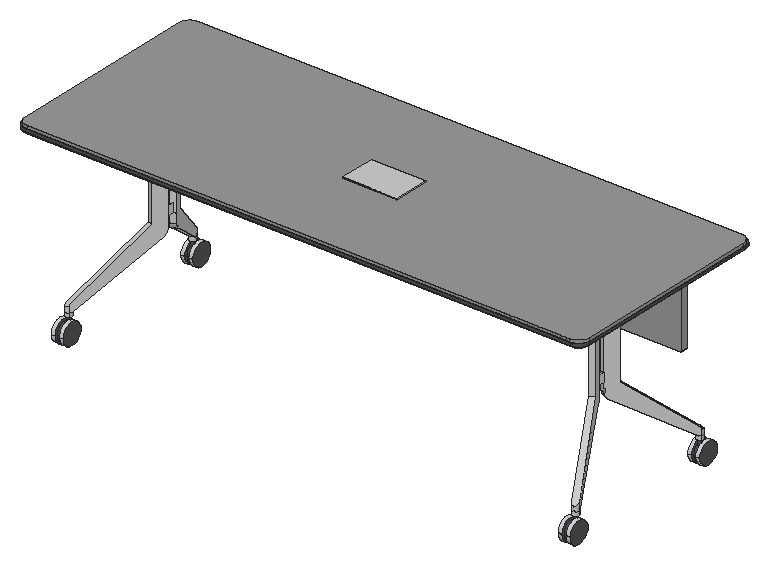
Revit family "Haworth_Planes_ConferenceDesk_EU_PRELIMINARY", category Furniture, Revit 2019 (continued)
Definition of nested family "Haworth_Planes_TableLinking-PART"
  Forms (cm)
    Extrusion 1, solid, material <- "Support Finish"
      sketch origin (0, 0, 0) x (1, 0, 0) y (0, 1, 0)
        loop
          arc (-0.2346, -6.089) -> (-1.6707, -6.5687) -> (-2.2351, -7.9738) r 1.8034
          arc (-2.2351, -7.9738) -> (-1.5933, -9.2628) -> (-0.2124, -9.6711) r 1.8034
          arc (-0.2124, -9.6711) -> (0.5481, -9.3938) -> (1.1107, -8.8118) r 1.8034
          arc (1.1107, -8.8118) -> (1.1616, -8.7216) -> (1.2072, -8.6286) r 1.8034
          arc (1.2072, -8.6286) -> (1.3061, -8.5493) -> (1.4329, -8.5465) r 0.1974
          line (1.4329, -8.5465) -> (2.2501, -8.8038)
          arc (2.2501, -8.8038) -> (2.423, -8.7794) -> (2.5128, -8.6297) r 0.2027
          line (2.5128, -8.6297) -> (2.5588, -8.1479) -> (2.5588, -0.6766)
          arc (2.5588, -0.6766) -> (2.0883, 0.7629) -> (0.9043, 1.7072) r 2.641
          arc (0.9043, 1.7072) -> (0.2861, 1.8724) -> (-0.3536, 1.884) r 2.641
          arc (-0.3536, 1.884) -> (-0.5098, 1.9487) -> (-0.5744, 2.1048) r 0.2208
          line (-0.5744, 2.1048) -> (-0.3806, 4.1343)
          arc (-0.3806, 4.1343) -> (-0.4319, 4.2885) -> (-0.5806, 4.3542) r 0.2008
          line (-0.5806, 4.3542) -> (-0.9955, 4.3542)
          arc (-0.9955, 4.3542) -> (-1.1447, 4.2882) -> (-1.196, 4.1333) r 0.2014
      from 69.97 to 71.47
    Extrusion 2, solid, material <- "Support Finish"
      sketch origin (0, 0, 0) x (1, 0, 0) y (0, 1, 0)
        loop
          circle (-0.428, -7.873) r 2.2
      from 70.37 to 69.9
    Extrusion 3, void
      sketch origin (0, 0, 0) x (1, 0, 0) y (0, 1, 0)
        loop
          line (-1.9277, 0.7378) -> (0.0875, -3.0929)
          arc (0.0875, -3.0929) -> (2.005, 0.3613) -> (-1.9277, 0.7378) r 2.3611
      from 69.6045 to 70.37
    Extrusion 4, void
      sketch origin (0, 0, 0) x (1, 0, 0) y (0, 1, 0)
        loop
          circle (-0.4342, -7.8737) r 1.4
        loop
          circle (-0.4342, -7.8737) r 1.378
      from 70.37 to 72.6102
  Cuts and joins
    Extrusion 3, Extrusion 4 cuts Extrusion 1
    joined: Extrusion 1, Extrusion 2
  Lines and regions (cm)
    Masking region 1
      outline origin (0, 0, 0) x (1, 0, 0) y (0, 1, 0)
        loop
          arc (2.5588, -0.6766) -> (2.0883, 0.7629) -> (0.9043, 1.7072) r 2.641
          arc (0.9043, 1.7072) -> (0.2861, 1.8724) -> (-0.3536, 1.884) r 2.641
          arc (-0.3536, 1.884) -> (-0.5098, 1.9487) -> (-0.5744, 2.1048) r 0.2208
          line (-0.5744, 2.1048) -> (-0.3806, 4.1343)
          arc (-0.3806, 4.1343) -> (-0.4319, 4.2885) -> (-0.5806, 4.3542) r 0.2008
          line (-0.5806, 4.3542) -> (-0.9955, 4.3542)
          arc (-0.9955, 4.3542) -> (-1.1447, 4.2882) -> (-1.196, 4.1333) r 0.2014
          line (-1.196, 4.1333) -> (-0.9788, 1.8957)
          arc (-0.9788, 1.8957) -> (-1.0078, 1.7771) -> (-1.1045, 1.7026) r 0.1846
          line (-1.1045, 1.7026) -> (-2.1025, 1.3718)
          arc (-2.1025, 1.3718) -> (-2.2183, 1.2717) -> (-2.2294, 1.119) r 0.2
          line (-2.2294, 1.119) -> (-2.1477, 0.8726)
          arc (-2.1477, 0.8726) -> (-2.0623, 0.7649) -> (-1.9277, 0.7378) r 0.2
          line (-1.9277, 0.7378) -> (-0.7948, 0.9109)
          arc (-0.7948, 0.9109) -> (1.63, -0.1823) -> (0.3382, -2.5073) r 1.8068
          arc (0.3382, -2.5073) -> (0.2331, -2.51) -> (0.1456, -2.5682) r 0.1893
          arc (0.1456, -2.5682) -> (0.1026, -2.6305) -> (0.0875, -2.7046) r 0.189
          line (0.0875, -2.7046) -> (0.0875, -5.7342)
          arc (0.0875, -5.7342) -> (-1.7892, -6.1447) -> (-2.628, -7.873) r 2.2
          arc (-2.628, -7.873) -> (-0.8035, -10.0407) -> (1.6438, -8.6129) r 2.2
          line (1.6438, -8.6129) -> (2.2501, -8.8038)
          arc (2.2501, -8.8038) -> (2.423, -8.7794) -> (2.5128, -8.6297) r 0.2027
          line (2.5128, -8.6297) -> (2.5588, -8.1479) -> (2.5588, -0.6766)
  Dimensions and locks (cm)
    equal spacing: plane 5, plane 1 "Center (Front/Back)", plane 6
    "Actual Depth": plane 5 to plane 6
    locked: plane 4 "Bottom of Top" to plane 7 at 1.6
    plane 9 to plane 3 "Center (Left/Right)" to plane 8 = 2.8728 cm, 2.8272 cm
    "Actual Width": plane 9 to plane 8
  Automatic sketch dimensions
    Extrusion 1 sketch curve to Extrusion 1 sketch curve = 0 cm  (x8)
    Extrusion 1 sketch curve to plane 9 = 0.6434 cm
    Extrusion 1 sketch curve to Extrusion 1 sketch curve = 0.0817 cm
    Extrusion 1 sketch curve to Extrusion 1 sketch curve = 0.1269 cm
    Extrusion 1 sketch curve to Extrusion 1 sketch curve = 0.1898 cm  (x3)
    Extrusion 1 sketch curve to Extrusion 1 sketch curve = 0.0302 cm
    plane 6 to Extrusion 1 sketch curve = 0.4566 cm
    Extrusion 1 sketch curve to plane 3 "Center (Left/Right)" = 1.196 cm
    Extrusion 1 sketch curve to Extrusion 1 sketch curve = 0.9399 cm
    Extrusion 1 sketch curve to Extrusion 1 sketch curve = 0.0581 cm
    plane 6 to Extrusion 1 sketch curve = 0.2358 cm
    Extrusion 1 sketch curve to Extrusion 1 sketch curve = 0.2005 cm
    Extrusion 1 sketch curve to Extrusion 1 sketch curve = 0.1838 cm
    Extrusion 1 sketch curve to Extrusion 1 sketch curve = 0.415 cm
    Extrusion 1 sketch curve to Extrusion 1 sketch curve = 0.4043 cm
    Extrusion 1 sketch curve to plane 3 "Center (Left/Right)" = 0.4341 cm
    Extrusion 1 sketch curve to Extrusion 1 sketch curve = 0.1999 cm
    Extrusion 1 sketch curve to Extrusion 1 sketch curve = 0.2208 cm
    Extrusion 1 sketch curve to plane 3 "Center (Left/Right)" = 0.1101 cm
    Extrusion 1 sketch curve to plane 3 "Center (Left/Right)" = 0.085 cm
    Extrusion 1 sketch curve to Extrusion 1 sketch curve = 0.0036 cm
    plane 3 "Center (Left/Right)" to Extrusion 1 sketch curve = 0.0875 cm
    Extrusion 1 sketch curve to Extrusion 1 sketch curve = 0.189 cm
    Extrusion 1 sketch curve to Extrusion 1 sketch curve = 0.0137 cm
    plane 3 "Center (Left/Right)" to Extrusion 1 sketch curve = 1.3736 cm
    Extrusion 1 sketch curve to Extrusion 1 sketch curve = 0.0593 cm
    plane 8 to Extrusion 1 sketch curve = 0.577 cm
    Extrusion 1 sketch curve to Extrusion 1 sketch curve = 0.0609 cm
    Extrusion 1 sketch curve to Extrusion 1 sketch curve = 0.2018 cm
    plane 8 to Extrusion 1 sketch curve = 0.2684 cm
    Extrusion 1 sketch curve to Extrusion 1 sketch curve = 2.048 cm
    Extrusion 1 sketch curve to Extrusion 1 sketch curve = 0.2092 cm
    Extrusion 1 sketch curve to Extrusion 1 sketch curve = 0.0178 cm
    Extrusion 1 sketch curve to Extrusion 1 sketch curve = 0.3308 cm
    Extrusion 1 sketch curve to Extrusion 1 sketch curve = 0.2464 cm
    Extrusion 1 sketch curve to Extrusion 1 sketch curve = 0.0629 cm
    Extrusion 1 sketch curve to Extrusion 1 sketch curve = 0.0078 cm
    Extrusion 1 sketch curve to plane 1 "Center (Front/Back)" = 0.2196 cm
    Extrusion 1 sketch curve to Extrusion 1 sketch curve = 0.0142 cm
    plane 1 "Center (Front/Back)" to Extrusion 1 sketch curve = 2.4731 cm
    Extrusion 1 sketch curve to Extrusion 1 sketch curve = 0.5192 cm
    Extrusion 1 sketch curve to Extrusion 1 sketch curve = 1.7814 cm
    Extrusion 1 sketch curve to plane 5 = 2.2621 cm
    Extrusion 1 sketch curve to Extrusion 1 sketch curve = 0.3986 cm
    Extrusion 1 sketch curve to Extrusion 1 sketch curve = 0.4626 cm
    Extrusion 1 sketch curve to Extrusion 1 sketch curve = 0.0193 cm
    Extrusion 1 sketch curve to Extrusion 1 sketch curve = 0.1882 cm
    Extrusion 1 sketch curve to Extrusion 1 sketch curve = 0.2199 cm
    Extrusion 1 sketch curve to plane 9 = 0.6377 cm
    Extrusion 1 sketch curve to plane 3 "Center (Left/Right)" = 0.7948 cm
    Extrusion 1 sketch curve to Extrusion 1 sketch curve = 0.1245 cm
    Extrusion 1 sketch curve to plane 3 "Center (Left/Right)" = 0.2124 cm
    plane 3 "Center (Left/Right)" to Extrusion 1 sketch curve = 0.1456 cm
    Extrusion 1 sketch curve to Extrusion 1 sketch curve = 0.1925 cm
    plane 3 "Center (Left/Right)" to Extrusion 1 sketch curve = 0.9043 cm
    Extrusion 1 sketch curve to Extrusion 1 sketch curve = 0.2629 cm
    Extrusion 1 sketch curve to Extrusion 1 sketch curve = 0.1664 cm
    Extrusion 1 sketch curve to Extrusion 1 sketch curve = 0.7917 cm
    Extrusion 2 sketch curve to plane 3 "Center (Left/Right)" = 0.428 cm
    Extrusion 2 sketch curve to plane 5 = 2.5371 cm
    Extrusion 3 sketch curve to plane 3 "Center (Left/Right)" = 0.0846 cm
    Extrusion 3 sketch curve to plane 1 "Center (Front/Back)" = 2.172 cm
    Extrusion 3 sketch curve to plane 9 = 0.9452 cm
    plane 3 "Center (Left/Right)" to Extrusion 3 sketch curve = 0.0875 cm
    plane 1 "Center (Front/Back)" to Extrusion 3 sketch curve = 0.1828 cm
    Extrusion 4 sketch curve to Extrusion 4 sketch curve = 0 cm  (x2)
    Extrusion 4 sketch curve to plane 3 "Center (Left/Right)" = 0.4342 cm
    Extrusion 4 sketch curve to plane 5 = 2.5363 cm
    Masking region 1 sketch curve to Masking region 1 sketch curve = 0 cm  (x3)
    Masking region 1 sketch curve to plane 9 = 0.6434 cm
    Masking region 1 sketch curve to Masking region 1 sketch curve = 0.0817 cm
    Masking region 1 sketch curve to Masking region 1 sketch curve = 0.1269 cm
    Masking region 1 sketch curve to Masking region 1 sketch curve = 0.1898 cm  (x3)
    Masking region 1 sketch curve to Masking region 1 sketch curve = 0.0302 cm
    plane 6 to Masking region 1 sketch curve = 0.4566 cm
    Masking region 1 sketch curve to plane 3 "Center (Left/Right)" = 1.196 cm
    Masking region 1 sketch curve to Masking region 1 sketch curve = 0.9399 cm
    Masking region 1 sketch curve to Masking region 1 sketch curve = 0.0581 cm
    Masking region 1 sketch curve to Masking region 1 sketch curve = 0.2005 cm
    Masking region 1 sketch curve to Masking region 1 sketch curve = 0.1838 cm
    Masking region 1 sketch curve to plane 3 "Center (Left/Right)" = 0.7948 cm
    Masking region 1 sketch curve to Masking region 1 sketch curve = 0.415 cm
    Masking region 1 sketch curve to Masking region 1 sketch curve = 0.4043 cm
    Masking region 1 sketch curve to Masking region 1 sketch curve = 0.1999 cm
    Masking region 1 sketch curve to Masking region 1 sketch curve = 0.2208 cm
    Masking region 1 sketch curve to plane 3 "Center (Left/Right)" = 0.085 cm
    Masking region 1 sketch curve to Masking region 1 sketch curve = 0.0036 cm
    Masking region 1 sketch curve to Masking region 1 sketch curve = 0.189 cm
    Masking region 1 sketch curve to Masking region 1 sketch curve = 0.0137 cm
    plane 8 to Masking region 1 sketch curve = 0.577 cm
    Masking region 1 sketch curve to Masking region 1 sketch curve = 0.0609 cm
    Masking region 1 sketch curve to Masking region 1 sketch curve = 0.2018 cm
    plane 8 to Masking region 1 sketch curve = 0.2684 cm
    Masking region 1 sketch curve to Masking region 1 sketch curve = 2.0285 cm
    Masking region 1 sketch curve to Masking region 1 sketch curve = 0.2092 cm
    Masking region 1 sketch curve to Masking region 1 sketch curve = 0.0178 cm
    Masking region 1 sketch curve to Masking region 1 sketch curve = 0.3308 cm
    Masking region 1 sketch curve to Masking region 1 sketch curve = 0.2464 cm
    Masking region 1 sketch curve to Masking region 1 sketch curve = 0.7917 cm
    Masking region 1 sketch curve to Masking region 1 sketch curve = 0.0629 cm
    Masking region 1 sketch curve to plane 1 "Center (Front/Back)" = 2.2334 cm
    Masking region 1 sketch curve to Masking region 1 sketch curve = 0.0078 cm
    Masking region 1 sketch curve to plane 1 "Center (Front/Back)" = 0.2196 cm
    Masking region 1 sketch curve to Masking region 1 sketch curve = 0.0142 cm
    Masking region 1 sketch curve to plane 5 = 2.2621 cm
    Masking region 1 sketch curve to Masking region 1 sketch curve = 0.465 cm
    Masking region 1 sketch curve to Masking region 1 sketch curve = 0.4626 cm
    Masking region 1 sketch curve to Masking region 1 sketch curve = 0.0193 cm
    plane 6 to Masking region 1 sketch curve = 0.4557 cm
    Masking region 1 sketch curve to Masking region 1 sketch curve = 0.0195 cm
    plane 3 "Center (Left/Right)" to Masking region 1 sketch curve = 0.1456 cm
    plane 3 "Center (Left/Right)" to Masking region 1 sketch curve = 0.9043 cm
    Masking region 1 sketch curve to Masking region 1 sketch curve = 0.6063 cm
    Masking region 1 sketch curve to plane 3 "Center (Left/Right)" = 0.428 cm
    Masking region 1 sketch curve to Masking region 1 sketch curve = 0.7399 cm
    plane 3 "Center (Left/Right)" to Masking region 1 sketch curve = 0.0875 cm
    radius of Extrusion 2 sketch curve = 2.2 cm
    radius of Extrusion 4 sketch curve = 1.4 cm
    radius of Extrusion 4 sketch curve = 1.378 cm
Definition of nested family "Haworth-Flip Top"
  Parameters (values of type "Flip Top - Visio")
    Warranty = ""
    URL - Product = ""
    URL = ""
    Sustainability Info = ""
    Size = "Verify Final Dim. w/ Haworth"  # constant formula
    Single Sided = no
    Single Sided Wide = yes
    Revision Number = ""
    OmniClass Number = ""
    Material Options = ""
    Manufacturer = "Haworth"  # constant formula
    LEED Data = ""
    Flip Top Height = 2.5 cm
    Flip Top Finish = none
    Double Sided = no
    Double Sided Wide = no
    Author = "SHAPE Environments, LLC"  # constant formula
    Assembly Code = ""
    Actual Width = 50 cm
    Actual Height = 80 cm
    Actual Depth = 11 cm
  Reference planes (cm)
    plane 1 "Center F/B": y = 0.1333
    plane 2: z = 0
    plane 3 "Center L/R": x = 1.4487
    plane 4 "Back": y = 5.6333
    plane 5 "Right": x = 26.4487
    plane 6 "Front": y = -5.3667
    plane 7 "Left": x = -23.5513
    plane 8 "Table Height": z = 80
    plane 9: z = 77.5
  Forms (cm)
    Extrusion 1, solid, material <- "Flip Top Finish"
      sketch origin (0, 0, 80) x (-1, 0, 0) y (0, -1, 0)
        loop
          line (23.5513, -5.6333) -> (23.5513, 5.3667) -> (-26.4487, 5.3667) -> (-26.4487, -5.6333) -> (23.5513, -5.6333)
      from 0 to 0.3175
    Extrusion 2, solid, material <- "Flip Top Finish"
      sketch origin (0, 0, 80) x (-1, 0, 0) y (0, -1, 0)
        loop
          line (23.2338, -5.1571) -> (23.2338, 4.8904) -> (-26.1312, 4.8904) -> (-26.1312, -5.1571) -> (23.2338, -5.1571)
      from 0 to -2.5
  Cuts and joins
    joined: Extrusion 1, Extrusion 2
  Lines and regions (cm)
    symbolic lines
      curve 1: line (-23.5513, 5.6333, 80) -> (26.4487, 5.6333, 80)
      curve 2: line (-23.5513, -5.3667, 80) -> (-23.5513, 5.6333, 80)
      curve 3: line (26.4487, -5.3667, 80) -> (-23.5513, -5.3667, 80)
      curve 4: line (26.4487, 5.6333, 80) -> (26.4487, -5.3667, 80)
  Dimensions and locks (cm)
    equal spacing: plane 7 "Left", plane 3 "Center L/R", plane 5 "Right"
    "Actual Width": plane 7 "Left" to plane 5 "Right"
    equal spacing: plane 6 "Front", plane 1 "Center F/B", plane 4 "Back"
    "Actual Depth": plane 4 "Back" to plane 6 "Front"
    plane 7 "Left" to Extrusion 2 sketch curve = 0.3175 cm
    plane 4 "Back" to Extrusion 2 sketch curve = 0.4762 cm
    Extrusion 2 sketch curve to plane 5 "Right" = 0.3175 cm
    Extrusion 2 sketch curve to plane 6 "Front" = 0.4763 cm
    "Actual Height": plane 8 "Table Height" to level
    "Flip Top Height": plane 8 "Table Height" to plane 9
    aligned and locked: plane 7 "Left" to Extrusion 1 sketch curve
    aligned and locked: Extrusion 1 sketch curve to plane 4 "Back"
    aligned and locked: Extrusion 1 sketch curve to plane 6 "Front"
    aligned and locked: Extrusion 1 sketch curve to plane 5 "Right"
    aligned and locked: cut or joined group of Extrusion 1, Extrusion 2 to plane 9
  Automatic sketch dimensions
    curve 4 to plane 5 "Right" = 0 cm
    curve 2 to plane 4 "Back" = 0 cm
    curve 2 to plane 7 "Left" = 0 cm
    curve 4 to plane 6 "Front" = 0 cm
Types (8, lengths in cm): name | With Screen | Width | Table Linking | Straight Legs | Squared Corners | Screen Width | Rounded Corners | Glides | Flip Top | Depth | Casters | Angled Single Leg | Actual Width | Actual Depth
  (no name) | yes | 210 | yes | no | no | 160 | yes | no | yes | 80 | yes | yes | 210 | 80
  100w x 70d | no | 100 | no | yes | no | 50 | yes | no | no | 70 | yes | no | 100 | 70
  120w x 65d | yes | 120 | yes | no | yes | 70 | no | yes | yes | 65 | no | yes | 120 | 65
  140w x 75d | no | 140 | no | yes | no | 90 | yes | no | no | 75 | yes | no | 140 | 75
  150w x 70d | yes | 150 | yes | no | yes | 100 | no | yes | yes | 70 | no | yes | 150 | 70
  160w x 80d | no | 160 | no | yes | no | 110 | yes | no | no | 80 | yes | no | 160 | 80
  180w x 80d | yes | 180 | yes | no | yes | 130 | no | yes | yes | 80 | no | yes | 180 | 80
  210w x 80d | yes | 210 | yes | no | no | 160 | yes | no | yes | 80 | yes | yes | 210 | 80
